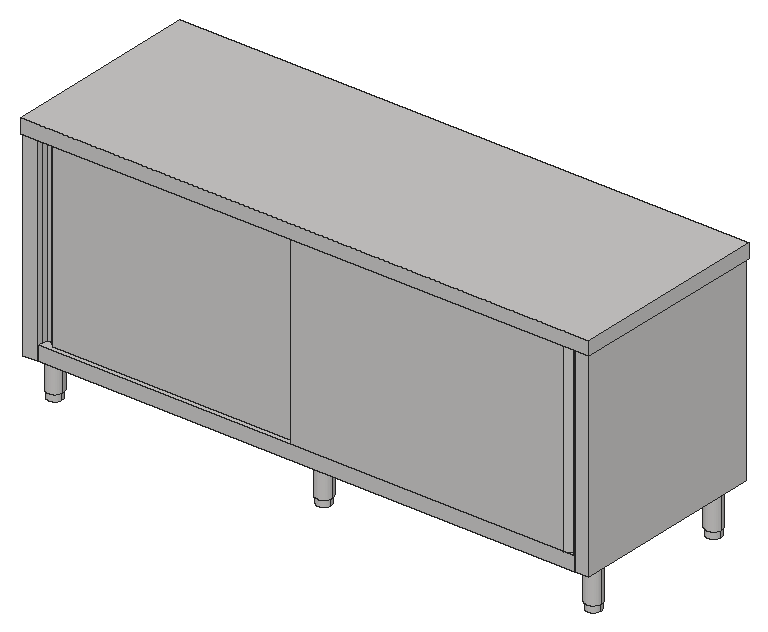
Revit family "QF_ELECTROLUXPROFESSIONAL_133087_TND2000EN", category Attrezzature speciali, Revit 2020
Family settings
  Quota connettore circolare = Usa diametro
  Tipo di parte = Normale
  Basato su piano di lavoro = No
  Sempre verticale = Sì
  Taglio con vuoti quando caricato = No
  Condiviso = No
  Punto di calcolo locali = No
Parameters (values of type "Standard")
  Weight = 75.00 kg
  Watts = 0 W
  Volts = 0 V
  URL Manufacturer = "https://www.electroluxprofessional.com/"
  URL = "https://www.electroluxprofessional.com/"
  Steam Supply Size = 0 mm
  Steam Supply Minimum Pressure = 0.0 Pa
  Steam Supply Maximum Pressure = 0.0 Pa
  Steam Consumption per Hour = 0
  Refrigeration Suction Line Size = 0.0 mm
  Refrigeration Liquid Line Size = 0.0 mm
  Refrigerant Compressor Remote = yes
  Prospetto di default = 0.0 mm
  Produttore = "Electrolux Professional"
  Phase = 0
  Modello = "TND2000EN"
  Length Actual = 2000.0 mm  # constant formula
  Item Number = "133087"
  Hot Water Size = 0 mm
  Height Actual = 900.0 mm  # constant formula
  HP = "0 HP"
  Gas Size = 0 mm
  Gas KW = 0
  Gas Input Pressure = 0 W
  Direct Waste Size = 0 mm
  Descrizione = "PASS-THROUGH WORKTOP CUPBOARD 2000 MM"
  Depth Actual = 700.0 mm  # constant formula
  Cycle = 0 Hz
  Condensate Return Size = 0 mm
  Compressed Air Volume = 0.0 L/s
  Compressed Air Size = 0 mm
  Compressed Air Pressure = 0.0 Pa
  Cold Water Size = 0 mm
  Accessory = yes
Reference planes
  plane 1 "Center (Front/Back)": y = 0
  plane 2: z = 0
  plane 3 "Center (Left/Right)": x = -500
  plane 4 "LEFT": x = -1500
  plane 5 "RIGHT": x = 500
  plane 6 "BACK": y = 350
  plane 7 "FRONT": y = -350
  plane 8 "Base": z = 850
  plane 9 "TOP": z = 900
  plane 10: x = -1446.9
  plane 11: x = 446.9
  plane 12: y = 264.5
  plane 13: y = -264.5
  plane 14 "BodyLeft": x = -1494.5
  plane 15 "BodyFront": y = -344.5
  plane 16 "BodyRight": x = 494.5
  plane 17 "BodyBack": y = 344.5
  plane 18 "FEET": z = 150
  plane 19: x = -445.5
  plane 20: x = -554.5
Forms (mm)
  Extrusion 1, solid, material "QF_Finishes_Stainless Steel"
    sketch origin (-500, 0, 0) x (0, 1, 0) y (0, 0, 1)
      loop
        line (-350, 850) -> (350, 850) -> (350, 900) -> (-350, 900) -> (-350, 850)
    from 1000 to -1000
  Extrusion 2, solid, material "QF_Finishes_Stainless Steel"
    sketch origin (0, 0, 150) x (-1, 0, 0) y (0, -1, 0)
      loop
        line (1494.5, -344.5) -> (1494.5, 344.5) -> (1444.5, 344.5) -> (1444.5, -344.5) -> (1494.5, -344.5)
      loop
        line (-444.5, -344.5) -> (-444.5, 344.5) -> (-494.5, 344.5) -> (-494.5, -344.5) -> (-444.5, -344.5)
    from 0 to 700
  Extrusion 3, solid, material "QF_Finishes_Stainless Steel"
    sketch origin (0, 0, 150) x (-1, 0, 0) y (0, -1, 0)
      loop
        line (1444.5, -344.5) -> (1444.5, 344.5) -> (-444.5, 344.5) -> (-444.5, -344.5) -> (1444.5, -344.5)
    from 0 to 50
  Extrusion 4, solid, material "QF_Finishes_Stainless Steel"
    sketch origin (0, 0, 150) x (-1, 0, 0) y (0, -1, 0)
      loop
        line (-445.9, 344.5) -> (-445.9, 324.5) -> (554.5, 324.5) -> (554.5, 344.5) -> (-405.9, 344.5) -> (-425.9, 329.5) -> (-440.9, 329.5) -> (-440.9, 344.5) -> (-445.9, 344.5)
    from 50 to 700
  Extrusion 5, solid, material "QF_Finishes_Stainless Steel"
    sketch origin (0, 20, 150) x (1, 0, 0) y (0, 1, 0)
      loop
        line (-1445.9, -344.5) -> (-1440.9, -344.5) -> (-1440.9, -329.5) -> (-1425.9, -329.5) -> (-1405.9, -344.5) -> (-445.5, -344.5) -> (-445.5, -324.5) -> (-1445.9, -324.5) -> (-1445.9, -344.5)
    from 50 to 700
  Extrusion 6, solid, material "QF_Finishes_Stainless Steel"
    sketch origin (0, 0, 150) x (-1, 0, 0) y (0, -1, 0)
      loop
        line (-444.5, -344.5) -> (-439.5, -344.5) -> (-439.5, -329.5) -> (-424.5, -329.5) -> (-404.5, -344.5) -> (554.5, -344.5) -> (554.5, -324.5) -> (-444.5, -324.5) -> (-444.5, -344.5)
    from 50 to 700
  Extrusion 7, solid, material "QF_Finishes_Stainless Steel"
    sketch origin (0, -20, 150) x (1, 0, 0) y (0, 1, 0)
      loop
        line (-1444.5, 344.5) -> (-1444.5, 324.5) -> (-445.5, 324.5) -> (-445.5, 344.5) -> (-1404.5, 344.5) -> (-1424.5, 329.5) -> (-1439.5, 329.5) -> (-1439.5, 344.5) -> (-1444.5, 344.5)
    from 50 to 700
  Extrusion 8, solid, material "QF_Finishes_Stainless Steel"
    sketch origin (0, 0, 0) x (1, 0, 0) y (0, 1, 0)
      loop
        line (-1444.5, -304.5) -> (444.5, -304.5) -> (444.5, 304.5) -> (-1444.5, 304.5) -> (-1444.5, -304.5)
    from 500 to 540
Lines and regions (mm)
  symbolic lines
    curve 1: line (500, 350, 900) -> (-1500, 350, 900)
    curve 2: line (-1500, 350, 900) -> (-1500, -350, 900)
    curve 3: line (-1500, -350, 900) -> (500, -350, 900)
    curve 4: line (500, -350, 900) -> (500, 350, 900)
  symbolic lines, style "SpecialityEquipmentHiddenLines"
    curve 5: line (-1494.5, 344.5, 150) -> (494.5, 344.5, 150)
    curve 6: line (-1494.5, -344.5, 150) -> (-1494.5, 344.5, 150)
    curve 7: line (494.5, -344.5, 150) -> (-1494.5, -344.5, 150)
    curve 8: line (494.5, 344.5, 150) -> (494.5, -344.5, 150)
    curve 9: line (-1445.9, -304.5, 150) -> (-445.5, -304.5, 150)
    curve 10: line (-445.5, -304.5, 150) -> (-445.5, -324.5, 150)
    curve 11: line (-1445.9, -324.5, 150) -> (445.9, -324.5, 150)
    curve 12: line (445.9, -324.5, 150) -> (445.9, -344.5, 150)
    curve 13: line (-554.5, -324.5, 150) -> (-554.5, -344.5, 150)
    curve 14: line (-1445.9, -304.5, 150) -> (-1445.9, -324.5, 150)
Dimensions and locks
  plane 4 "LEFT" to plane 5 "RIGHT" = 2000.0 mm
  equal spacing: plane 4 "LEFT", plane 3 "Center (Left/Right)", plane 5 "RIGHT"
  locked: plane 8 "Base" to level at 850
  plane 9 "TOP" to level = 900.0 mm
  plane 6 "BACK" to plane 7 "FRONT" = 700.0 mm
  equal spacing: plane 6 "BACK", plane 1 "Center (Front/Back)", plane 7 "FRONT"
  locked: plane 4 "LEFT" to plane 14 "BodyLeft" at 5.5
  locked: plane 16 "BodyRight" to plane 5 "RIGHT" at 5.5
  locked: plane 15 "BodyFront" to plane 7 "FRONT" at 5.5
  locked: plane 6 "BACK" to plane 17 "BodyBack" at 5.5
  locked: plane 14 "BodyLeft" to plane 10 at 47.6
  locked: plane 11 to plane 16 "BodyRight" at 47.6
  locked: plane 13 to plane 15 "BodyFront" at 80
  locked: plane 17 "BodyBack" to plane 12 at 80
  plane 10 to plane 11 = 1893.8 mm
  plane 12 to plane 13 = 529.0 mm
  locked: plane 14 "BodyLeft" to Extrusion 2 sketch curve at 50
  locked: Extrusion 2 sketch curve to Extrusion 2 sketch curve at 50
  locked: plane 3 "Center (Left/Right)" to plane 19 at 54.5
  locked: plane 20 to plane 3 "Center (Left/Right)" at 54.5
  locked: plane 18 "FEET" to level at 150
  aligned and locked: level to plane 2
  aligned and locked: plane 10 to nested 1
  aligned and locked: nested 1 to plane 13
  aligned and locked: plane 11 to nested 2
  aligned and locked: nested 2 to plane 13
  aligned and locked: plane 11 to nested 4
  aligned and locked: nested 4 to plane 12
  aligned and locked: plane 10 to nested 3
  aligned and locked: nested 3 to plane 12
  aligned and locked: Extrusion 1 to plane 4 "LEFT"
  aligned and locked: plane 5 "RIGHT" to Extrusion 1
  aligned and locked: curve 2 to plane 4 "LEFT"
  aligned and locked: plane 17 "BodyBack" to Extrusion 2 sketch curve
  aligned and locked: Extrusion 2 sketch curve to plane 15 "BodyFront"
  aligned and locked: Extrusion 2 sketch curve to plane 14 "BodyLeft"
  aligned and locked: plane 16 "BodyRight" to Extrusion 2 sketch curve
  aligned and locked: Extrusion 2 sketch curve to plane 17 "BodyBack"
  aligned and locked: plane 15 "BodyFront" to Extrusion 2 sketch curve
  aligned and locked: Extrusion 3 sketch curve to plane 17 "BodyBack"
  aligned and locked: plane 15 "BodyFront" to Extrusion 3 sketch curve
  aligned and locked: plane 8 "Base" to Extrusion 2
  aligned and locked: plane 8 "Base" to Extrusion 4
  aligned and locked: Extrusion 4 to Extrusion 3
  aligned and locked: Extrusion 5 sketch curve to plane 19
  aligned and locked: Extrusion 4 sketch curve to plane 20
  aligned and locked: Extrusion 1 to plane 8 "Base"
  aligned and locked: plane 9 "TOP" to Extrusion 1
  aligned and locked: curve 5 to plane 17 "BodyBack"
  aligned and locked: plane 14 "BodyLeft" to curve 6
  aligned and locked: plane 15 "BodyFront" to curve 7
  aligned and locked: plane 16 "BodyRight" to curve 8
  aligned and locked: Extrusion 3 to Extrusion 2  (x2)
  aligned and locked: Extrusion 8 sketch curve to Extrusion 7
  aligned and locked: Extrusion 8 sketch curve to Extrusion 2  (x2)
  aligned and locked: Extrusion 8 sketch curve to Extrusion 5
  aligned and locked: plane 3 "Center (Left/Right)" to nested 5
  aligned and locked: plane 3 "Center (Left/Right)" to nested 6
Automatic sketch dimensions
  curve 3 to plane 7 "FRONT" = 0.0 mm
  curve 4 to plane 6 "BACK" = 0.0 mm
  Extrusion 1 sketch curve to plane 7 "FRONT" = 0.0 mm
  Extrusion 1 sketch curve to plane 6 "BACK" = 0.0 mm
  Extrusion 1 sketch curve to plane 8 "Base" = 0.0 mm
  Extrusion 1 sketch curve to plane 9 "TOP" = 0.0 mm
  Extrusion 3 sketch curve to plane 11 = 2.4 mm
  plane 10 to Extrusion 3 sketch curve = 2.4 mm
  Extrusion 4 sketch curve to plane 15 "BodyFront" = 0.0 mm  (x2)
  Extrusion 4 sketch curve to plane 11 = 41.0 mm
  Extrusion 4 sketch curve to plane 11 = 21.0 mm
  Extrusion 4 sketch curve to plane 11 = 6.0 mm
  Extrusion 4 sketch curve to plane 11 = 1.0 mm
  plane 15 "BodyFront" to Extrusion 4 sketch curve = 15.0 mm
  plane 15 "BodyFront" to Extrusion 4 sketch curve = 20.0 mm
  Extrusion 5 sketch curve to plane 15 "BodyFront" = 20.0 mm  (x2)
  Extrusion 5 sketch curve to plane 10 = 41.0 mm
  Extrusion 5 sketch curve to plane 10 = 21.0 mm
  Extrusion 5 sketch curve to plane 10 = 6.0 mm
  Extrusion 5 sketch curve to plane 10 = 1.0 mm
  Extrusion 5 sketch curve to Extrusion 5 sketch curve = 15.0 mm
  Extrusion 5 sketch curve to Extrusion 5 sketch curve = 20.0 mm
  curve 10 to plane 19 = 0.0 mm
  curve 13 to plane 20 = 0.0 mm
  curve 11 to plane 11 = 1.0 mm
  plane 10 to curve 11 = 1.0 mm
  plane 15 "BodyFront" to curve 9 = 40.0 mm
  curve 12 to curve 12 = 20.0 mm
  Extrusion 6 sketch curve to plane 17 "BodyBack" = 0.0 mm  (x2)
  Extrusion 6 sketch curve to plane 20 = 0.0 mm
  plane 11 to Extrusion 6 sketch curve = 42.4 mm
  plane 11 to Extrusion 6 sketch curve = 22.4 mm
  plane 11 to Extrusion 6 sketch curve = 7.4 mm
  plane 11 to Extrusion 6 sketch curve = 2.4 mm
  plane 17 "BodyBack" to Extrusion 6 sketch curve = 15.0 mm
  plane 17 "BodyBack" to Extrusion 6 sketch curve = 20.0 mm
  Extrusion 7 sketch curve to plane 19 = 0.0 mm
  Extrusion 7 sketch curve to plane 17 "BodyBack" = 20.0 mm  (x2)
  plane 10 to Extrusion 7 sketch curve = 42.4 mm
  plane 10 to Extrusion 7 sketch curve = 22.4 mm
  plane 10 to Extrusion 7 sketch curve = 7.4 mm
  plane 10 to Extrusion 7 sketch curve = 2.4 mm
  Extrusion 7 sketch curve to Extrusion 7 sketch curve = 15.0 mm
  Extrusion 7 sketch curve to Extrusion 7 sketch curve = 20.0 mm
  curve 4 to plane 5 "RIGHT" = 0.0 mm
Nested families
  nested 1: "FEET_D58-150" at (-1446.9, -264.5, 0), type "FEET_D58-150"
  nested 2: "FEET_D58-150" at (446.9, -264.5, 0), type "FEET_D58-150"
  nested 3: "FEET_D58-150" at (-1446.9, 264.5, 0), type "FEET_D58-150"
  nested 4: "FEET_D58-150" at (446.9, 264.5, 0), type "FEET_D58-150"
  nested 5: "FEET_D58-150" at (-500, -264.5, 0), type "FEET_D58-150"
  nested 6: "FEET_D58-150" at (-500, 264.5, 0), type "FEET_D58-150"
Definition of nested family "FEET_D58-150"
  Parameters
    Default Elevation = 0.0 mm
    FEET = 150.0 mm
  Reference planes
    plane 1 "Center (Front/Back)": y = 0
    plane 2: z = 0
    plane 3 "Center (Left/Right)": x = 0
    plane 4: z = 150
  Forms (mm)
    Extrusion 1, solid
      sketch origin (0, 0, 0) x (1, 0, 0) y (0, 1, 0)
        loop
          circle (0, 0) r 25
      from 0 to 25
    Extrusion 2, solid
      sketch origin (0, 0, 0) x (1, 0, 0) y (0, 1, 0)
        loop
          circle (0.061, 0) r 29
      from 25 to 150 <- "FEET"
  Lines and regions (mm)
    symbolic lines
      curve 1: line (0, -1.503, 0) -> (0, 1.508, 0)
      curve 2: line (1.561, 0, 0) -> (-1.439, 0, 0)
  Dimensions and locks
    "FEET": plane 4 to plane 2
    aligned and locked: level to plane 2
  Automatic sketch dimensions
    plane 1 "Center (Front/Back)" to Extrusion 1 sketch curve = 0.0 mm
    Extrusion 1 sketch curve to plane 3 "Center (Left/Right)" = 0.0 mm
    plane 1 "Center (Front/Back)" to curve 2 = 0.0 mm
    curve 1 to plane 3 "Center (Left/Right)" = 0.0 mm
    curve 2 to plane 3 "Center (Left/Right)" = 1.439 mm
    plane 3 "Center (Left/Right)" to curve 2 = 1.561 mm
    plane 1 "Center (Front/Back)" to curve 1 = 1.503 mm
    curve 1 to plane 1 "Center (Front/Back)" = 1.508 mm
    plane 1 "Center (Front/Back)" to Extrusion 2 sketch curve = 0.0 mm
    plane 3 "Center (Left/Right)" to Extrusion 2 sketch curve = 0.061 mm
    radius of Extrusion 1 sketch curve = 25.0 mm
    radius of Extrusion 2 sketch curve = 29.0 mm
